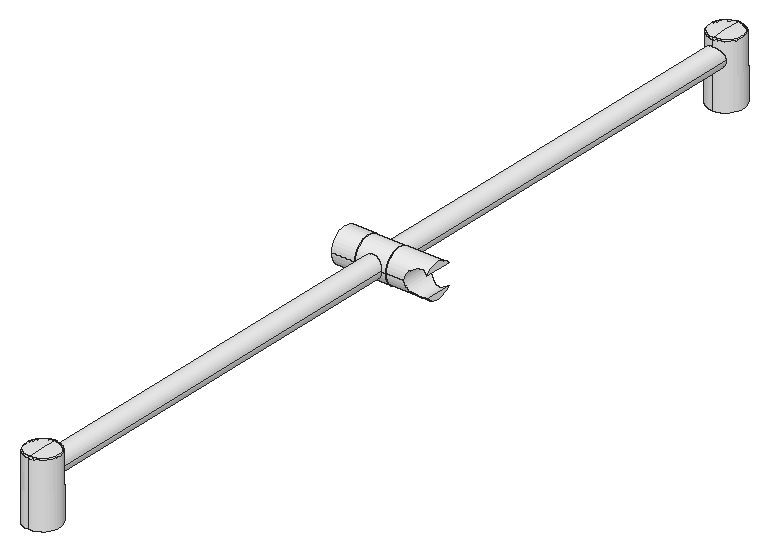
Revit family "Shower_Bar-GROHE-New_Tempesta_Cosmopolitan-27522000", category Specialty Equipment, host Face, Revit 2014
Parameters (values of type "27522000")
  cUPC Compliant = yes
  Width = 2 7/8"
  Warranty Documentation Link = "https://cdn.cloud.grohe.com/tpi/1000/1900/1940/1949/1949006/original/1949006.pdf"
  URL = "https://www.grohe.us/"
  Type Comments = ""
  Product Page URL = "https://www.grohe.us/en_us/new-tempesta-cosmopolitan-36-shower-bar-27522000.html"
  Price = "Prices may vary. Please consult Manufacturer Representative for most up-to-date price list."  # constant formula
  Model = "27522000"
  Material = "Metal-Grohe-000-Chrome"
  Manufacturer = "Grohe"
  Length = 3 3/16"  # constant formula
  Installation Type = "Wall Mounted"
  Height = 36 7/32"
  Finish = Metal-Grohe-000-Chrome
  Description = "New Tempesta Cosmopolitan 36\" Shower Bar"
  Default Elevation = 68"  # constant formula
  Creation Date = "2017/04/05"  # constant formula
  CalGreen Compliant = yes
  Assembly Code = "D2010710"
Reference planes (in)
  plane 1 "Center (Front/Back)": y = 0
  plane 2: z = 0
  plane 3 "Center (Left/Right)": x = 0
  plane 4: x = -1.4375
  plane 5: x = 1.4375
  plane 6: z = 2.40157
  plane 7: z = 1.53543
  plane 8: z = 1.96181
  plane 9: x = -6
  plane 10: y = 18.10937
  plane 11: y = -18.10938
  plane 12: z = 3.1875
  plane 13: x = 1.9422
  plane 14: y = 0.0625
  plane 15: x = -1.44997
  plane 16: x = -0.90067
Forms (in)
  Revolve 1, solid, material "Metal-Grohe-000-Chrome" <- "Finish"
    sketch origin (0, 0, 0) x (0, 1, 0) y (0, 0, 1)
      loop
        line (18.10937, 0) -> (18.84312, 0) -> (18.81373, 2.69485)
        arc (18.81373, 2.69485) -> (18.80499, 2.71676) -> (18.78379, 2.72711) r 0.03273
        arc (18.78379, 2.72711) -> (18.44689, 2.74872) -> (18.10937, 2.75593) r 7.904
        line (18.10937, 2.75593) -> (18.10937, 0)
      axis (18.10937, 2.75593) -> (18.10937, 0)
    angle from 0 to 360
  Extrusion 2, solid, material "Metal-Grohe-000-Chrome" <- "Finish"
    sketch origin (0, 0, 0) x (1, 0, 0) y (0, 0, 1)
      loop
        circle (0, 1.96181) r 0.43977
    from -18.10938 to 18.10938
  Revolve 3, solid, material "Metal-Grohe-000-Chrome" <- "Finish"
    sketch origin (0, 0, 0) x (0, -1, 0) y (0, 0, 1)
      loop
        line (18.10938, 0) -> (18.84202, 0) -> (18.81368, 2.69768)
        arc (18.81368, 2.69768) -> (18.80529, 2.71867) -> (18.78493, 2.72851) r 0.03126
        arc (18.78493, 2.72851) -> (18.44743, 2.74887) -> (18.10938, 2.75566) r 8.41781
        line (18.10938, 2.75566) -> (18.10938, 0)
      axis (18.10938, 2.75566) -> (18.10938, 0)
    angle from 0 to 360
  Revolve 4, solid, material "Metal-Grohe-000-Chrome" <- "Finish"
    sketch origin (0, 0, 1.96181) x (1, 0, 0) y (0, 1, 0)
      loop
        line (-1.66732, 0) -> (2.2684, 0) -> (2.2684, 0.70866) -> (0.66339, 0.70866) -> (0.66339, 0.65724) -> (0.62621, 0.65724) -> (0.62621, 0.70866) -> (-0.62992, 0.70866) -> (-0.62992, 0.65724) -> (-0.68307, 0.65724) -> (-0.68307, 0.70866) -> (-1.66732, 0.70866) -> (-1.66732, 0)
      axis (2.2684, 0) -> (-1.66732, 0)
    angle from 0 to 360
  Extrusion 5, void
    sketch origin (0, 0, 0) x (1, 0, 0) y (0, 0, 1)
      loop
        arc (2.35799, 2.30852) -> (1.39819, 1.95772) -> (2.35799, 1.60691) r 0.54401
        line (2.35799, 1.60691) -> (2.61361, 1.39125)
        arc (2.61361, 1.39125) -> (2.73029, 1.95772) -> (2.61361, 2.52419) r 1.43348
        line (2.61361, 2.52419) -> (2.35799, 2.30852)
    from -0.96532 to 1.45825
  Extrusion 6, solid, material "Metal-Grohe-000-Chrome" <- "Finish"
    sketch origin (0.15234, 0, 0) x (1, 0, 0) y (0, 0, 1)
      loop
        circle (-1.32365, 1.96181) r 0.26619
    from -0.80288 to 0
Cuts and joins
  Extrusion 5 cuts Revolve 1
  Extrusion 5 cuts Extrusion 2
  Extrusion 5 cuts Revolve 3
  Extrusion 5 cuts Revolve 4
  joined: Revolve 1, Extrusion 2, Revolve 3, Revolve 4, Extrusion 6
Lines and regions (in)
  Masking region 1
    outline origin (0, 0, 0) x (1, 0, 0) y (0, 0, 1)
      loop
        arc (2.30266, 1.25984) -> (2.41447, 1.36162) -> (2.50684, 1.48133) r 0.86429
        line (2.50684, 1.48133) -> (2.35799, 1.60691)
        arc (2.35799, 1.60691) -> (1.39819, 1.95772) -> (2.35799, 2.30852) r 0.54401
        line (2.35799, 2.30852) -> (2.49819, 2.42681)
        arc (2.49819, 2.42681) -> (2.38806, 2.56069) -> (2.25342, 2.66991) r 0.86429
        line (2.25342, 2.66991) -> (0.70197, 2.66991) -> (0.70115, 2.7171)
        arc (0.70115, 2.7171) -> (0.73166, 2.83073) -> (0.7922, 2.93161) r 0.42443
        arc (0.7922, 2.93161) -> (0.78219, 2.95578) -> (0.75801, 2.9658) r 0.03419
        arc (0.75801, 2.9658) -> (0.00801, 3.00234) -> (-0.74199, 2.9658) r 7.71393
        arc (-0.74199, 2.9658) -> (-0.76616, 2.95578) -> (-0.77618, 2.93161) r 0.03419
        arc (-0.77618, 2.93161) -> (-0.71564, 2.83073) -> (-0.68512, 2.7171) r 0.42443
        line (-0.68512, 2.7171) -> (-0.68582, 2.67717) -> (-1.66732, 2.67717)
        arc (-1.66732, 2.67717) -> (-1.96264, 1.9685) -> (-1.66732, 1.25984) r 0.99793
        line (-1.66732, 1.25984) -> (-0.71056, 1.25984) -> (-0.73255, 0) -> (0.73255, 0) -> (0.71056, 1.25984) -> (2.30266, 1.25984)
  symbolic lines, detail levels medium+fine
    curve 1: line (0.71056, 0, 2.67042) -> (0.71056, 0, 1.25984)
    curve 2: line (-0.71056, 0, 1.25984) -> (-0.68582, 0, 2.67717)
    curve 3: circle (-1.17131, 0, 1.96181) r 0.26619 normal (0, -1, 0)
Dimensions and locks (in)
  equal spacing: plane 4, plane 3 "Center (Left/Right)", plane 5
  locked: plane 4 to plane 5 at 2.875
  plane 9 to plane 3 "Center (Left/Right)" = 6"
  equal spacing: plane 10, plane 1 "Center (Front/Back)", plane 11
  "Height": plane 10 to plane 11
  "Length": plane 12 to level
  locked: plane 3 "Center (Left/Right)" to plane 13 at 1.9422
  locked: plane 14 to plane 1 "Center (Front/Back)" at 0.0625
  diameter of Extrusion 2 sketch curve = 0.87953"
  aligned and locked: plane 2 to host face
  aligned and locked: level to host face
  aligned and locked: Extrusion 2 to plane 11
  aligned and locked: plane 3 "Center (Left/Right)" to Extrusion 2 sketch curve
  aligned and locked: plane 8 to Extrusion 2 sketch curve
  aligned and locked: Revolve 1 sketch curve to plane 10
  aligned and locked: plane 10 to Revolve 1 sketch curve
  aligned and locked: level to Revolve 1 sketch curve
  aligned and locked: plane 11 to Revolve 3 sketch curve
  aligned and locked: Revolve 3 sketch curve to plane 11
  aligned and locked: Revolve 3 sketch curve to level
  aligned and locked: plane 8 to cut or joined group of Revolve 1, Extrusion 2, Revolve 3, Revolve 4, Extrusion 5, Extrusion 6
  aligned and locked: cut or joined group of Revolve 1, Extrusion 2, Revolve 3, Revolve 4, Extrusion 5, Extrusion 6 to plane 10
Automatic sketch dimensions
  host sketch curve to host sketch curve = 96"  (x2)
  Extrusion 5 sketch curve to plane 13 = 0"
  plane 8 to Extrusion 5 sketch curve = 0.00409"  (x2)
  plane 5 to Extrusion 5 sketch curve = 0.14069"
  Extrusion 5 sketch curve to plane 6 = 0.09306"
  plane 13 to Extrusion 5 sketch curve = 0.41579"
  plane 7 to Extrusion 5 sketch curve = 0.07148"
  plane 6 to Extrusion 5 sketch curve = 0.12261"
  Extrusion 5 sketch curve to plane 7 = 0.14419"
  Extrusion 5 sketch curve to Extrusion 5 sketch curve = 0.25562"
  Extrusion 5 sketch curve to Extrusion 5 sketch curve = 0"
  Extrusion 6 sketch curve to plane 8 = 0"
  plane 4 to Extrusion 6 sketch curve = 0.26619"
  plane 1 "Center (Front/Back)" to Revolve 4 sketch curve = 0"  (x2)
  Revolve 4 sketch curve to plane 15 = 0.21736"
  plane 16 to Revolve 4 sketch curve = 0.2176"
  Revolve 4 sketch curve to Revolve 4 sketch curve = 0.05315"
  plane 3 "Center (Left/Right)" to Revolve 4 sketch curve = 0.62621"
  Revolve 4 sketch curve to Revolve 4 sketch curve = 0.03718"
  plane 13 to Revolve 4 sketch curve = 0.3262"
  Revolve 4 sketch curve to Revolve 4 sketch curve = 0.05142"  (x2)
  plane 14 to Revolve 4 sketch curve = 0.59474"  (x2)
  Revolve 4 sketch curve to Revolve 4 sketch curve = 0"
  Revolve 4 sketch curve to Revolve 4 sketch curve = 0.96011"
  Revolve 4 sketch curve to Revolve 4 sketch curve = 1/4"
  Masking region 1 sketch curve to Masking region 1 sketch curve = 0"  (x2)
  Masking region 1 sketch curve to level = 0"
  Masking region 1 sketch curve to plane 13 = 0"
  plane 8 to Masking region 1 sketch curve = 0.01436"
  Masking region 1 sketch curve to plane 13 = 0.16318"
  plane 5 to Masking region 1 sketch curve = 0.31515"
  Masking region 1 sketch curve to plane 12 = 0.25589"
  Masking region 1 sketch curve to Masking region 1 sketch curve = 0.36434"
  plane 5 to Masking region 1 sketch curve = 0.70495"
  Masking region 1 sketch curve to plane 7 = 0.27559"  (x2)
  plane 3 "Center (Left/Right)" to Masking region 1 sketch curve = 0.71056"
  plane 6 to Masking region 1 sketch curve = 0.31552"
  Masking region 1 sketch curve to Masking region 1 sketch curve = 0.05687"
  Masking region 1 sketch curve to Masking region 1 sketch curve = 0.00082"
  plane 3 "Center (Left/Right)" to Masking region 1 sketch curve = 0.00801"
  plane 16 to Masking region 1 sketch curve = 0.21555"
  Masking region 1 sketch curve to Masking region 1 sketch curve = 0.0007"
  plane 16 to Masking region 1 sketch curve = 0.19011"
  plane 16 to Masking region 1 sketch curve = 0.16812"
  plane 16 to Masking region 1 sketch curve = 0.15869"
  Masking region 1 sketch curve to plane 8 = 0.00669"
  Masking region 1 sketch curve to plane 16 = 0.06404"
  Masking region 1 sketch curve to plane 16 = 0.20565"
  Masking region 1 sketch curve to plane 15 = 0.21736"  (x2)
  plane 13 to Masking region 1 sketch curve = 0.36046"
  plane 7 to Masking region 1 sketch curve = 0.07148"
  Masking region 1 sketch curve to Masking region 1 sketch curve = 0.05534"
  Masking region 1 sketch curve to plane 6 = 0.09306"
  Masking region 1 sketch curve to Masking region 1 sketch curve = 0.10458"
  plane 6 to Masking region 1 sketch curve = 0.02523"
  Masking region 1 sketch curve to Masking region 1 sketch curve = 0.1402"
  Masking region 1 sketch curve to plane 7 = 0.05411"
  Masking region 1 sketch curve to level = 4.71159"
  plane 6 to Masking region 1 sketch curve = 0.26331"  (x2)
  Masking region 1 sketch curve to Masking region 1 sketch curve = 0.03993"
  plane 6 to Masking region 1 sketch curve = 0.26833"
  curve 3 to plane 8 = 0"
  plane 4 to curve 3 = 0.26619"
  plane 16 to curve 2 = 0.19011"
  plane 16 to curve 2 = 55/256"
  curve 1 to plane 7 = 0.27559"
  plane 3 "Center (Left/Right)" to curve 1 = 0.71056"
  curve 2 to plane 7 = 0.27559"
  plane 6 to curve 1 = 0.26885"
  plane 6 to curve 2 = 0.27559"
  Revolve 1 sketch curve to plane 10 = 0"
  plane 6 to Revolve 1 sketch curve = 0.29292"
  Revolve 1 sketch curve to plane 10 = 0.67163"
  plane 6 to Revolve 1 sketch curve = 0.29328"
  Revolve 1 sketch curve to Revolve 1 sketch curve = 0.03273"
  Revolve 1 sketch curve to plane 10 = 0.73375"
  Revolve 1 sketch curve to level = 5.14807"
  plane 6 to Revolve 1 sketch curve = 0.35436"
  plane 12 to Revolve 1 sketch curve = 0.86707"
  Revolve 1 sketch curve to Revolve 1 sketch curve = 0.58022"
  Revolve 3 sketch curve to plane 6 = 0.29578"
  plane 11 to Revolve 3 sketch curve = 0.67305"
  Revolve 3 sketch curve to plane 6 = 0.2961"
  Revolve 3 sketch curve to Revolve 3 sketch curve = 1/32"
  plane 11 to Revolve 3 sketch curve = 0.73265"
  level to Revolve 3 sketch curve = 5.66215"
  Revolve 3 sketch curve to plane 6 = 0.35408"
  Revolve 3 sketch curve to plane 12 = 0.86707"
  Revolve 3 sketch curve to Revolve 3 sketch curve = 0.58022"
  radius of Extrusion 6 sketch curve = 0.26619"
  radius of curve 3 = 0.26619"
